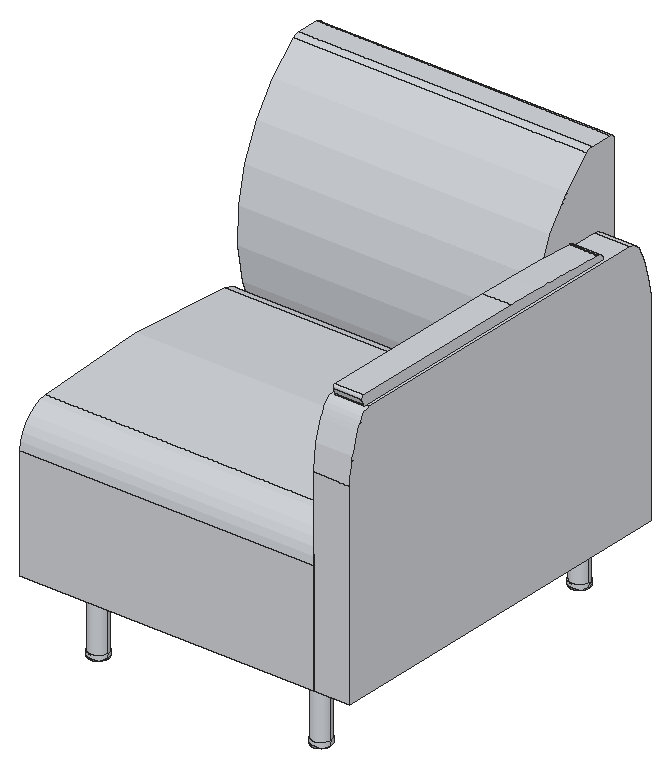
Revit family "Seat-LaZBoy-Assymble_Lounge_Seating-AS12R", category Furniture, Revit 2017
Family settings
  OmniClass Number = 23.40.20.00
  OmniClass Title = General Furniture and Specialties
  Work Plane-Based = No
  Always vertical = Yes
  Cut with Voids When Loaded = No
  Shared = No
  Room Calculation Point = No
Parameters (values of type "Solid Surface Arms Caps")
  Width = 27.00"  # constant formula
  URL = "https://www.la-z-boy.com/"
  Seat Material [instance] = none
  Product Documentation Link = "URL"
  On Legs = yes
  Model = "AS12RJ"
  Manufacturer = "LaZBoy"
  Height = 32.75"  # constant formula
  Description = "Single Seat Lounge Chair, Right Side Facing with Solid Surface Arms Caps"
  Depth = 30.75"  # constant formula
  Copyright © = "Inc"
  Back Material [instance] = none
  Assembly Code = "E2020200"
  Armcap Material [instance] = none
  Arm Material [instance] = none
Types (4): name | Model | Description
  Upholstered Arms | "AS12RF" | "Single Seat Lounge Chair, Right Side Facing with Upholstered Arms"
  Urethane Arms Caps | "AS12RU" | "Single Seat Lounge Chair, Right Side Facing with Urethane Arms Caps"
  Wood Arms Caps | "AS12RW" | "Single Seat Lounge Chair, Right Side Facing with Wood Arms Caps"
  Solid Surface Arms Caps | "AS12RJ" | "Single Seat Lounge Chair, Right Side Facing with Solid Surface Arms Caps"
Reference planes (in)
  plane 1 "Center (Front/Back)": y = 0
  plane 2: z = 0
  plane 3 "Center (Left/Right)": x = 0
  plane 4: y = -15.375
  plane 5: z = 32.75
  plane 6: y = 15.375
  plane 7: x = -13.5
  plane 8: x = 13.5
  plane 9: z = 5.39888
  plane 10: x = 10.5
  plane 11 "glide 1": y = -12.84321
  plane 12 "glide 2": y = 13.59321
Forms (in)
  Extrusion 1, solid, material <- "Back Material"
    sketch origin (0, 0, 0) x (0, 1, 0) y (0, 0, 1)
      loop
        line (15.375, 5.39888) -> (15.375, 32.4)
        arc (15.375, 32.4) -> (15.27249, 32.64749) -> (15.025, 32.75) r 0.35
        line (15.025, 32.75) -> (13.18257, 32.75)
        arc (13.18257, 32.75) -> (12.88654, 32.70048) -> (12.62275, 32.55731) r 0.90955
        arc (12.62275, 32.55731) -> (7.27087, 24.12175) -> (8.46181, 14.20293) r 14.8761
        arc (8.46181, 14.20293) -> (10.29749, 9.8942) -> (11.61161, 5.39888) r 39.59734
        line (11.61161, 5.39888) -> (15.375, 5.39888)
    from -13.5 to 10.5
  Extrusion 2, solid, material <- "Seat Material"
    sketch origin (0, 0, 0) x (0, 1, 0) y (0, 0, 1)
      loop
        line (-15.375, 5.39888) -> (11.61161, 5.39888)
        arc (11.61161, 5.39888) -> (9.9596, 10.8034) -> (7.55503, 15.9177) r 39.59734
        arc (7.55503, 15.9177) -> (6.71811, 16.83642) -> (5.56221, 17.29288) r 2.75
        arc (5.56221, 17.29288) -> (-3.58084, 18.03171) -> (-12.7401, 17.53243) r 67.9538
        arc (-12.7401, 17.53243) -> (-14.6217, 16.54278) -> (-15.375, 14.55473) r 3
        line (-15.375, 14.55473) -> (-15.375, 5.39888)
    from -13.5 to 10.5
  Extrusion 3, solid
    sketch origin (0, 0, 0) x (1, 0, 0) y (0, 1, 0)
      loop
        circle (-9.11938, 13.59321) r 0.75
      loop
        circle (9.11938, 13.59321) r 0.75
      loop
        circle (-9.11938, -12.84321) r 0.75
      loop
        circle (9.11938, -12.84321) r 0.75
    from 0 to 5.39888
  Revolve 4, solid, visible <- "On Legs"
    sketch origin (25.25, -12.84321, 0) x (1, 0, 0) y (0, 0, 1)
      loop
        line (-34.36938, 0) -> (-33.63039, 0)
        arc (-33.63039, 0) -> (-33.59459, 0.01483) -> (-33.57976, 0.05064) r 0.05064
        line (-33.57976, 0.05064) -> (-33.57976, 0.40859) -> (-34.36938, 0.40859) -> (-34.36938, 0)
      axis (-34.36938, 0.40859) -> (-34.36938, 0)
    angle from 0 to 360
  Revolve 5, solid, visible <- "On Legs"
    sketch origin (-25.25, -12.84321, 0) x (-1, 0, 0) y (0, 0, 1)
      loop
        line (-34.36938, 0) -> (-33.63039, 0)
        arc (-33.63039, 0) -> (-33.59459, 0.01483) -> (-33.57976, 0.05064) r 0.05064
        line (-33.57976, 0.05064) -> (-33.57976, 0.40859) -> (-34.36938, 0.40859) -> (-34.36938, 0)
      axis (-34.36938, 0.40859) -> (-34.36938, 0)
    angle from 0 to 360
  Revolve 6, solid, visible <- "On Legs"
    sketch origin (0, 13.59321, 0) x (1, 0, 0) y (0, 0, 1)
      loop
        line (-9.11938, 0) -> (-8.38039, 0)
        arc (-8.38039, 0) -> (-8.34459, 0.01483) -> (-8.32976, 0.05064) r 0.05064
        line (-8.32976, 0.05064) -> (-8.32976, 0.40859) -> (-9.11938, 0.40859) -> (-9.11938, 0)
      axis (-9.11938, 0.40859) -> (-9.11938, 0)
    angle from 0 to 360
  Revolve 7, solid, visible <- "On Legs"
    sketch origin (0, 13.59321, 0) x (1, 0, 0) y (0, 0, 1)
      loop
        line (9.11938, 0) -> (9.11938, 0.40859) -> (8.32976, 0.40859) -> (8.32976, 0.05064)
        arc (8.32976, 0.05064) -> (8.34459, 0.01483) -> (8.38039, 0) r 0.05064
        line (8.38039, 0) -> (9.11938, 0)
      axis (9.11938, 0.40859) -> (9.11938, 0)
    angle from 0 to 360
Lines and regions (in)
  Masking region 1
    outline origin (0, 0, 0) x (1, 0, 0) y (0, 1, 0)
      loop
        line (-13.5, 15.375) -> (-13.5, -15.375) -> (10.5, -15.375) -> (10.5, 15.375) -> (-13.5, 15.375)
  symbolic lines, detail levels fine
    curve 1: line (10.5, 12.86161, 0) -> (-13.5, 12.86161, 0)
  symbolic lines, detail levels medium+fine
    curve 2: line (-13.5, 6.90274, 0) -> (10.5, 6.90274, 0)
Dimensions and locks (in)
  equal spacing: plane 6, plane 1 "Center (Front/Back)", plane 4
  equal spacing: plane 7, plane 3 "Center (Left/Right)", plane 8
  "Width": plane 7 to plane 8
  "Depth": plane 4 to plane 6
  "Height": plane 5 to plane 2
  plane 6 to Extrusion 3 sketch curve = 1.78179"
  locked: plane 7 to Extrusion 3 sketch curve at 4.38062
  locked: plane 9 to plane 2 at 5.39888
  locked: plane 10 to plane 8 at 3
  locked: plane 12 "glide 2" to plane 6 at 1.78179
  locked: plane 4 to plane 11 "glide 1" at 2.53179
  aligned and locked: level to plane 2
  aligned and locked: plane 3 "Center (Left/Right)" to nested 1
  aligned and locked: plane 1 "Center (Front/Back)" to nested 1
  aligned and locked: plane 6 to Extrusion 1 sketch curve
  aligned and locked: plane 9 to Extrusion 3
  aligned and locked: Extrusion 1 to plane 7
  aligned and locked: Extrusion 2 to plane 7
  aligned and locked: Extrusion 1 to plane 10
  aligned and locked: Extrusion 2 to plane 10
  aligned and locked: nested 2 to plane 10
  aligned and locked: Extrusion 1 to curve 2
  aligned and locked: curve 2 to Extrusion 1
  aligned and locked: Masking region 1 sketch curve to plane 10
  aligned and locked: Masking region 1 sketch curve to plane 6
  aligned and locked: Masking region 1 sketch curve to plane 4
  aligned and locked: Masking region 1 sketch curve to plane 7
Automatic sketch dimensions
  curve 1 to plane 7 = 0.00"
  curve 1 to plane 10 = 0.00"
  plane 12 "glide 2" to curve 2 = 6.69048"
  plane 12 "glide 2" to curve 1 = 0.7316"
  Extrusion 1 sketch curve to plane 9 = 0.00"
  Extrusion 1 sketch curve to plane 5 = 0.00"
  Extrusion 1 sketch curve to plane 5 = 0.35"
  plane 12 "glide 2" to Extrusion 1 sketch curve = 0.41064"
  plane 12 "glide 2" to Extrusion 1 sketch curve = 1.9816"
  Extrusion 1 sketch curve to level = 3.44449"
  plane 4 to Extrusion 1 sketch curve = 11.61059"
  plane 6 to Extrusion 1 sketch curve = 6.40384"
  Extrusion 1 sketch curve to plane 5 = 11.91722"
  Extrusion 1 sketch curve to plane 5 = 0.90955"
  Extrusion 1 sketch curve to Extrusion 1 sketch curve = 0.00"
  Extrusion 2 sketch curve to plane 4 = 0.00"
  Extrusion 2 sketch curve to plane 9 = 0.00"
  Extrusion 2 sketch curve to level = 3.44449"
  plane 4 to Extrusion 2 sketch curve = 11.61059"
  Extrusion 2 sketch curve to plane 11 "glide 1" = 0.46821"
  plane 1 "Center (Front/Back)" to Extrusion 2 sketch curve = 4.47018"
  Extrusion 2 sketch curve to plane 1 "Center (Front/Back)" = 5.15622"
  plane 12 "glide 2" to Extrusion 2 sketch curve = 1.9816"
  Extrusion 2 sketch curve to level = 49.91627"
  Extrusion 2 sketch curve to Extrusion 2 sketch curve = 9.15585"
  plane 9 to Extrusion 2 sketch curve = 9.17414"
  Extrusion 2 sketch curve to Extrusion 2 sketch curve = 0.00"  (x2)
  plane 11 "glide 1" to Extrusion 3 sketch curve = 0.00"  (x2)
  plane 12 "glide 2" to Extrusion 3 sketch curve = 0.00"
  Extrusion 3 sketch curve to plane 10 = 1.38062"  (x2)
  Revolve 4 sketch curve to level = 0.00"
  level to Revolve 4 sketch curve = 0.05064"
  Revolve 4 sketch curve to Revolve 4 sketch curve = 0.35795"
  Revolve 4 sketch curve to level = 0.50"
  Revolve 4 sketch curve to Revolve 4 sketch curve = 1.34141"
  Revolve 5 sketch curve to level = 0.00"
  plane 10 to Revolve 5 sketch curve = 1.38062"
  Revolve 5 sketch curve to Revolve 5 sketch curve = 0.73899"
  Revolve 5 sketch curve to level = 0.05064"
  Revolve 5 sketch curve to Revolve 5 sketch curve = 0.35795"
  Revolve 5 sketch curve to Revolve 5 sketch curve = 0.00"
  Revolve 5 sketch curve to Revolve 5 sketch curve = 0.50"
  Revolve 5 sketch curve to Revolve 5 sketch curve = 1.34141"
  Revolve 6 sketch curve to level = 0.00"
  level to Revolve 6 sketch curve = 0.05064"
  Revolve 6 sketch curve to Revolve 6 sketch curve = 0.35795"
  Revolve 6 sketch curve to level = 0.50"
  Revolve 6 sketch curve to Revolve 6 sketch curve = 1.34141"
  Revolve 7 sketch curve to level = 0.00"
  level to Revolve 7 sketch curve = 0.40859"
  Revolve 7 sketch curve to plane 10 = 2.17024"
  level to Revolve 7 sketch curve = 0.05064"
  Revolve 7 sketch curve to Revolve 7 sketch curve = 0.73899"
  Revolve 7 sketch curve to Revolve 7 sketch curve = 0.00"
  Revolve 7 sketch curve to Revolve 7 sketch curve = 0.50"
  Revolve 7 sketch curve to Revolve 7 sketch curve = 1.34141"
  plane 7 to Extrusion 3 sketch curve = 4.38062"
  plane 7 to Revolve 4 sketch curve = 4.38062"
  Revolve 4 sketch curve to Revolve 4 sketch curve = 0.73899"
  Revolve 4 sketch curve to Revolve 4 sketch curve = 0.00"
  plane 7 to Revolve 6 sketch curve = 4.38062"
  Revolve 6 sketch curve to Revolve 6 sketch curve = 0.73899"
  Revolve 6 sketch curve to Revolve 6 sketch curve = 0.00"
  radius of Extrusion 3 sketch curve = 0.75"  (x4)
Nested families (in)
  nested 1: "Label 1-16" at (0, 0, 0), type "Center", detail levels fine
    with Offset (LR) 0.00"
  nested 2: "Leg-Assymble-AS" at (12, -0.42331, 0) x (-1, 0, 0) z (0, 0, 1), type "Standard"
    with With Armcap yes
Definition of nested family "Leg-Assymble-AS"
  Parameters (values of type "Standard")
    With Armcap [instance] = yes
    URL = ""
    On Legs = yes
    Model = ""
    Manufacturer = ""
    Description = ""
    Depth = 30.75"
    Assembly Code = "E2020200"
    Armcap Material = none
    Arm Material = none
  Reference planes (in)
    plane 1 "Center (Front/Back)": y = 0.42331
    plane 2: z = 0
    plane 3 "Center (Left/Right)": x = 0
    plane 4: y = -14.95169
    plane 5: y = 15.79831
    plane 6 "Top": z = 26.39888
    plane 7: z = 5.39888
    plane 8: x = -1.5
    plane 9: x = 1.5
    plane 10: z = 27.20597
  Forms (in)
    Extrusion 1, solid, material <- "Arm Material"
      sketch origin (0, 0, 0) x (0, 1, 0) y (0, 0, 1)
        loop
          line (-14.95169, 5.39888) -> (15.79831, 5.39888) -> (15.79831, 21.43599)
          spline (15.79831, 21.43599) -> (15.76797, 22.12079) -> (15.68527, 22.75327) -> (15.5627, 23.33665) -> (15.41272, 23.87418) -> (15.24784, 24.36908) -> (15.08052, 24.8246) -> (14.92237, 25.24351) -> (14.76729, 25.61955) -> (14.59281, 25.93806) -> (14.37586, 26.1841) -> (14.09335, 26.34269) -> (13.7222, 26.39888)
          line (13.7222, 26.39888) -> (-12.87557, 26.39888)
          spline (-12.87557, 26.39888) -> (-13.24672, 26.34269) -> (-13.52924, 26.1841) -> (-13.74619, 25.93806) -> (-13.92066, 25.61955) -> (-14.07574, 25.24351) -> (-14.23389, 24.8246) -> (-14.40121, 24.36908) -> (-14.5661, 23.87418) -> (-14.71607, 23.33665) -> (-14.83865, 22.75327) -> (-14.92135, 22.12079) -> (-14.95169, 21.43599)
          line (-14.95169, 21.43599) -> (-14.95169, 5.39888)
      from -1.5 to 1.5
    Extrusion 2, solid, material <- "Armcap Material", visible <- "With Armcap"
      sketch origin (0, 0, 0) x (0, 1, 0) y (0, 0, 1)
        loop
          line (-13.01699, 26.39888) -> (11.3584, 26.39888)
          arc (11.3584, 26.39888) -> (11.2289, 26.74416) -> (10.89493, 26.90053) r 0.48849
          line (10.89493, 26.90053) -> (10.8547, 26.90258)
          spline (10.8547, 26.90258) -> (9.81368, 26.95548) -> (8.97711, 26.99748) -> (8.27856, 27.03149) -> (7.65189, 27.06036) -> (7.04399, 27.08607) -> (6.41901, 27.10935) -> (5.74229, 27.13088) -> (4.97919, 27.15133) -> (4.10521, 27.17117) -> (3.20988, 27.18881) -> (2.45429, 27.20138) -> (2.00065, 27.20597)
          line (2.00065, 27.20597) -> (-13.10453, 27.20597)
          arc (-13.10453, 27.20597) -> (-13.26936, 27.11925) -> (-13.29125, 26.9343) r 0.2
          line (-13.29125, 26.9343) -> (-13.11035, 26.46304)
          arc (-13.11035, 26.46304) -> (-13.07363, 26.41646) -> (-13.01699, 26.39888) r 0.1
      from -1.18 to 1.18
  Lines and regions (in)
    Masking region 1
      outline origin (0, 0, 0) x (1, 0, 0) y (0, 1, 0)
        loop
          line (-1.5, 15.79831) -> (-1.5, -14.95169) -> (1.5, -14.95169) -> (1.5, 15.79831) -> (-1.5, 15.79831)
    symbolic lines, visible <- "With Armcap"
      curve 1: line (-1.18, 11.3584, 0) -> (-1.18, -13.30453, 0)
      curve 2: line (1.18, -13.30453, 0) -> (1.18, 11.3584, 0)
      curve 3: arc (-1.18, -13.30453, 0) -> (0, -13.34619, 0) -> (1.18, -13.30453, 0) r 16.73286
    symbolic lines
      curve 4: arc (-1.18, 11.3584, 0) -> (0, 11.42098, 0) -> (1.18, 11.3584, 0) r 11.15659
  Dimensions and locks (in)
    plane 6 "Top" to plane 7 to plane 2 = 21.00" locked, 5.39888" locked
    equal spacing: plane 4, plane 1 "Center (Front/Back)", plane 5
    "Depth": plane 4 to plane 5
    equal spacing: plane 8, plane 3 "Center (Left/Right)", plane 9
    plane 8 to plane 3 "Center (Left/Right)" = 1.50"
    locked: plane 10 to plane 6 "Top" at 0.80709
    equal spacing: Extrusion 2, plane 3 "Center (Left/Right)", Extrusion 2
    locked: Extrusion 2 sketch curve to plane 4 at 1.84715
    aligned and locked: level to plane 2
    aligned and locked: plane 7 to Extrusion 1 sketch curve
    aligned and locked: plane 5 to Extrusion 1 sketch curve
    aligned and locked: plane 4 to Extrusion 1 sketch curve
    aligned and locked: plane 6 "Top" to Extrusion 1 sketch curve
    aligned and locked: plane 8 to Extrusion 1
    aligned and locked: plane 9 to Extrusion 1
    aligned and locked: plane 6 "Top" to Extrusion 2 sketch curve
    aligned and locked: Masking region 1 sketch curve to plane 4
    aligned and locked: Masking region 1 sketch curve to plane 5
    aligned and locked: Masking region 1 sketch curve to plane 8
    aligned and locked: Masking region 1 sketch curve to plane 9
    aligned and locked: Extrusion 2 to curve 1
    aligned and locked: curve 2 to Extrusion 2
  Automatic sketch dimensions
    Extrusion 1 sketch curve to plane 5 = 2.07612"
    plane 6 "Top" to Extrusion 1 sketch curve = 4.96288"  (x2)
    Extrusion 1 sketch curve to plane 4 = 2.07612"
    curve 3 to plane 3 "Center (Left/Right)" = 0.00"
    curve 1 to plane 4 = 1.64715"
    plane 1 "Center (Front/Back)" to curve 4 = 0.15892"
    curve 3 to plane 1 "Center (Front/Back)" = 2.96335"
    curve 1 to plane 5 = 4.43991"
    curve 1 to curve 2 = 0.00"
    plane 10 to Extrusion 2 sketch curve = 0.00"
    Extrusion 2 sketch curve to plane 6 "Top" = 0.06416"
    Extrusion 2 sketch curve to Extrusion 2 sketch curve = 0.00582"
    plane 10 to Extrusion 2 sketch curve = 0.27167"
    Extrusion 2 sketch curve to Extrusion 2 sketch curve = 0.18672"
    Extrusion 2 sketch curve to Extrusion 2 sketch curve = 0.09336"
    Extrusion 2 sketch curve to plane 1 "Center (Front/Back)" = 1.57734"
    plane 10 to Extrusion 2 sketch curve = 0.30339"
    Extrusion 2 sketch curve to plane 5 = 4.94361"
    Extrusion 2 sketch curve to plane 6 "Top" = 0.01379"
    Extrusion 2 sketch curve to Extrusion 2 sketch curve = 0.0154"
    plane 10 to Extrusion 2 sketch curve = 0.30544"
    Extrusion 2 sketch curve to Extrusion 2 sketch curve = 0.04023"
Definition of nested family "Label 1-16"
  Parameters (values of type "Center")
    P_Width = 0.00"
    Text_Width = "Empty"
    Text_Height = "Empty"
    Text_Diameter = "Empty"
    Text_Depth = "Empty"
    Offset (LR) [instance] = 0.00"
    Model Name = "6961"
    P_Height = 0.00"
    Distance of Center (not Change) = 0.00"
    P_Diameter = 0.00"
    P_Depth = 0.00"
  Reference planes (in)
    plane 1: y = 0
    plane 2: x = 0
  Lines and regions (in)
    reference lines
      curve 1: line (-0.44359, 0, 0) -> (0.41085, 0, 0)
      curve 3: line (0, 0.32564, 0) -> (0, -0.40221, 0)
    reference lines, not visible
      curve 2: line (-0.44359, 0.09843, 0) -> (0.41085, 0.09843, 0)
      curve 4: line (0, 0.42407, 0) -> (0, -0.30379, 0)
  Text (in)
    label "Empty" at (0.00197, -0.0079, 0), shows "Model Name"
    label "Empty" at (0.00197, 0.09052, 0), shows "Model Name", not visible
  Dimensions and locks (in)
    "Distance of Center (not Change)": plane 1 to curve 1
    "Offset (LR)": curve 3 to plane 2
  Automatic sketch dimensions
    curve 1 to curve 3 = 0.44359"
    curve 3 to curve 1 = 0.41085"
    curve 3 to curve 1 = 0.40221"
    curve 1 to curve 3 = 0.32564"
    curve 2 to curve 4 = 0.44359"
    curve 4 to curve 2 = 0.41085"
    curve 4 to curve 2 = 0.40221"
    curve 2 to curve 4 = 0.32564"
